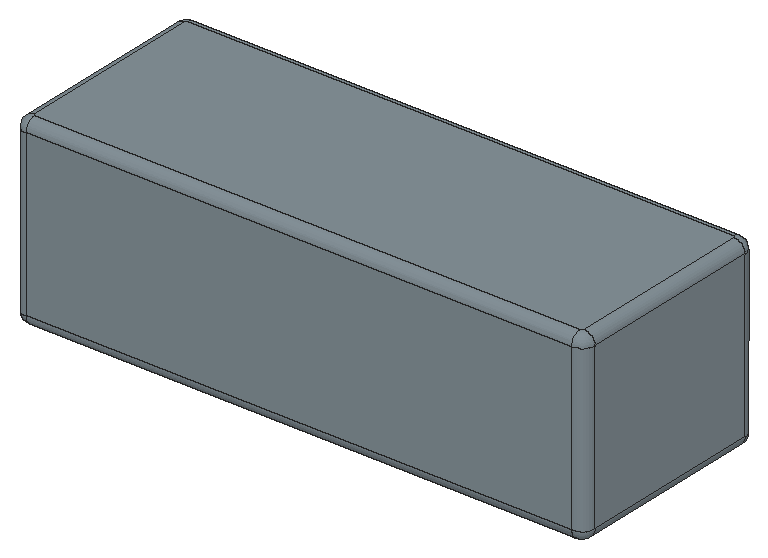
Revit family "Rectangle", category Furniture Systems, Revit 2019
Family settings
  Round Connector Dimension = Use Diameter
  Part Type = Normal
  OmniClass Number = 23.40.00.00
  OmniClass Title = Equipment and Furnishings
  Work Plane-Based = No
  Always vertical = Yes
  Cut with Voids When Loaded = No
  Shared = No
  Room Calculation Point = No
Parameters (values of type "ES01")
  URL = "www.gof.co.uk"
  Seat = Gresham - Blue Fabric
  Range = "SEATING"
  Product Code = ""
  Model = ""
  Manufacturer = "Gresham Office Funiture"  # constant formula
  Legs = no
  Glides = yes
  Castors = no
  Base Height = 25 mm
  Assembly Code = "E2020200"
Types (3, lengths in mm): name | Product Code | Model | Legs | Glides | Castors | Base Height
  ES01 | "" | "" | no | yes | no | 25
  ES01C | "ES01C" | "CUBE" | no | no | yes | 72
  ES01M | "ES01M" | "CUBE" | yes | no | no | 100
Reference planes
  plane 1 "Center (Front/Back)": y = 0
  plane 2: z = 0
  plane 3 "Center (Left/Right)": x = 0
  plane 4 "Base": z = 25
  plane 5 "Top": z = 460
  plane 6 "Legs": z = 100
  plane 7 "Castors": z = 71.902
  plane 8 "Foot": z = 25
  plane 9: x = -670
  plane 10: x = 670
Forms (mm)
  Extrusion 1, solid, material "Gresham - Blue Fabric" <- "Seat"
    sketch origin (0, 0, 25) x (0, -1, 0) y (1, 0, 0)
      loop
        line (-250, 640) -> (-250, -640)
        arc (-250, -640) -> (-241.213, -661.213) -> (-220, -670) r 30
        line (-220, -670) -> (220, -670)
        arc (220, -670) -> (241.213, -661.213) -> (250, -640) r 30
        line (250, -640) -> (250, 640)
        arc (250, 640) -> (241.213, 661.213) -> (220, 670) r 30
        line (220, 670) -> (-220, 670)
        arc (-220, 670) -> (-241.213, 661.213) -> (-250, 640) r 30
    from 0 to 435
  Extrusion 2, solid, material "Gresham - Black Plastic", visible <- "Castors", not visible
    sketch origin (0, 0, -4.785) x (-0.809017, 0.587785, 0) y (-0.587785, -0.809017, 0)
      loop
        circle (0, -304.351) r 13
    from 37.285 to 76.687
  Extrusion 3, solid, material "Gresham - Black Plastic", visible <- "Castors", not visible
    sketch origin (-10.58, -14.562, -4.785) x (-0.587785, -0.809017, 0) y (0, 0, 1)
      loop
        arc (-271.851, 37.285) -> (-304.351, 69.785) -> (-336.851, 37.285) r 32.5
        line (-336.851, 37.285) -> (-271.851, 37.285)
    from -10 to 10
  Revolve 4, solid, material "Gresham - Black Plastic", visible <- "Castors", not visible
    sketch origin (168.313, 231.663, -4.785) x (-0.809017, 0.587785, 0) y (0, 0, 1)
      loop
        line (11, 69.785) -> (11, 37.285) -> (26, 37.285) -> (26, 59.785)
        arc (26, 59.785) -> (23.071, 66.856) -> (16, 69.785) r 10
        line (16, 69.785) -> (11, 69.785)
      axis (11, 37.285) -> (26, 37.285)
    angle from 0 to 360
  Extrusion 5, void, not visible
    sketch origin (0, 0, -4.785) x (-0.587785, -0.809017, 0) y (0, 0, 1)
      loop
        circle (-286.351, 37.285) r 25
    from 30.046 to 22.621
  Revolve 6, solid, material "Gresham - Black Plastic", visible <- "Castors", not visible
    sketch origin (168.313, 231.663, -4.785) x (0.809017, -0.587785, 0) y (0, 0, -1)
      loop
        line (11, -69.785) -> (16, -69.785)
        arc (16, -69.785) -> (23.071, -66.856) -> (26, -59.785) r 10
        line (26, -59.785) -> (26, -37.285) -> (11, -37.285) -> (11, -69.785)
      axis (11, -37.285) -> (26, -37.285)
    angle from 0 to 360
  Extrusion 7, void, not visible
    sketch origin (0, 0, -4.785) x (-0.587785, -0.809017, 0) y (0, 0, -1)
      loop
        circle (-286.351, -37.285) r 25
    from 30.046 to 22.621
  Revolve 8, solid, material "Gresham - Chrome", visible <- "Legs"
    sketch origin (310.089, 197.99, 0) x (1, 0, 0) y (0, 0, -1)
      loop
        line (307.901, -100) -> (337.901, -100) -> (337.901, -12) -> (339.901, -12)
        arc (339.901, -12) -> (345.558, -9.657) -> (347.901, -4) r 8
        line (347.901, -4) -> (347.901, 0) -> (307.901, 0) -> (307.901, -100)
      axis (307.901, -100) -> (307.901, 0)
    angle from 0 to 360
  Revolve 9, solid, material "Gresham - Chrome", visible <- "Legs"
    sketch origin (310.089, -197.99, 0) x (1, 0, 0) y (0, 0, 1)
      loop
        line (307.901, 100) -> (307.901, 0) -> (347.901, 0) -> (347.901, 4)
        arc (347.901, 4) -> (345.558, 9.657) -> (339.901, 12) r 8
        line (339.901, 12) -> (337.901, 12) -> (337.901, 100) -> (307.901, 100)
      axis (307.901, 100) -> (307.901, 0)
    angle from 0 to 360
  Revolve 10, solid, material "Gresham - Chrome", visible <- "Legs"
    sketch origin (-310.089, 197.99, 0) x (-1, 0, 0) y (0, 0, 1)
      loop
        line (307.901, 100) -> (307.901, 0) -> (347.901, 0) -> (347.901, 4)
        arc (347.901, 4) -> (345.558, 9.657) -> (339.901, 12) r 8
        line (339.901, 12) -> (337.901, 12) -> (337.901, 100) -> (307.901, 100)
      axis (307.901, 100) -> (307.901, 0)
    angle from 0 to 360
  Revolve 11, solid, material "Gresham - Chrome", visible <- "Legs"
    sketch origin (-310.089, -197.99, 0) x (-1, 0, 0) y (0, 0, -1)
      loop
        line (307.901, -100) -> (337.901, -100) -> (337.901, -12) -> (339.901, -12)
        arc (339.901, -12) -> (345.558, -9.657) -> (347.901, -4) r 8
        line (347.901, -4) -> (347.901, 0) -> (307.901, 0) -> (307.901, -100)
      axis (307.901, -100) -> (307.901, 0)
    angle from 0 to 360
  Sweep 12, void
    path in 3D
      loop
        arc (670, 220, 460) -> (661.213, 241.213, 460) -> (640, 250, 460) r 30
        line (640, 250, 460) -> (-640, 250, 460)
        arc (-640, 250, 460) -> (-661.213, 241.213, 460) -> (-670, 220, 460) r 30
        line (-670, 220, 460) -> (-670, -220, 460)
        arc (-670, -220, 460) -> (-661.213, -241.213, 460) -> (-640, -250, 460) r 30
        line (-640, -250, 460) -> (640, -250, 460)
        arc (640, -250, 460) -> (661.213, -241.213, 460) -> (670, -220, 460) r 30
        line (670, -220, 460) -> (670, 220, 460)
    profile origin (670, 0, 460) x (-1, 0, 0) y (0, 0, 1)
      loop
        line (0, 0) -> (0, -25)
        arc (0, -25) -> (7.322, -7.322) -> (25, 0) r 25
        line (25, 0) -> (0, 0)
  Sweep 13, void
    path in 3D
      loop
        arc (670, -220, 25) -> (661.213, -241.213, 25) -> (640, -250, 25) r 30
        line (640, -250, 25) -> (-640, -250, 25)
        arc (-640, -250, 25) -> (-661.213, -241.213, 25) -> (-670, -220, 25) r 30
        line (-670, -220, 25) -> (-670, 220, 25)
        arc (-670, 220, 25) -> (-661.213, 241.213, 25) -> (-640, 250, 25) r 30
        line (-640, 250, 25) -> (640, 250, 25)
        arc (640, 250, 25) -> (661.213, 241.213, 25) -> (670, 220, 25) r 30
        line (670, 220, 25) -> (670, -220, 25)
    profile origin (670, 0, 25) x (-1, 0, 0) y (0, 0, -1)
      loop
        line (25, 0) -> (0, 0) -> (0, -25)
        arc (0, -25) -> (7.322, -7.322) -> (25, 0) r 25
Cuts and joins
  Sweep 12, Sweep 13 cuts Extrusion 1
Lines and regions (mm)
  sketch lines
    curve 1: line (670, -220, 460) -> (670, 220, 460)
    curve 2: arc (640, 250, 460) -> (661.213, 241.213, 460) -> (670, 220, 460) r 30
    curve 3: line (640, 250, 460) -> (-640, 250, 460)
    curve 4: arc (670, -220, 460) -> (661.213, -241.213, 460) -> (640, -250, 460) r 30
    curve 5: line (-640, -250, 460) -> (640, -250, 460)
    curve 6: line (-670, 220, 460) -> (-670, -220, 460)
    curve 7: arc (-670, 220, 460) -> (-661.213, 241.213, 460) -> (-640, 250, 460) r 30
    curve 8: arc (-640, -250, 460) -> (-661.213, -241.213, 460) -> (-670, -220, 460) r 30
    curve 9: line (670, 220, 25) -> (670, -220, 25)
    curve 10: arc (670, 220, 25) -> (661.213, 241.213, 25) -> (640, 250, 25) r 30
    curve 11: line (-640, 250, 25) -> (640, 250, 25)
    curve 12: arc (-640, 250, 25) -> (-661.213, 241.213, 25) -> (-670, 220, 25) r 30
    curve 13: line (-670, -220, 25) -> (-670, 220, 25)
    curve 14: line (640, -250, 25) -> (-640, -250, 25)
    curve 15: arc (-670, -220, 25) -> (-661.213, -241.213, 25) -> (-640, -250, 25) r 30
    curve 16: arc (640, -250, 25) -> (661.213, -241.213, 25) -> (670, -220, 25) r 30
Dimensions and locks
  locked: Extrusion 1 sketch curve to Extrusion 1 sketch curve at 500
  level to plane 6 "Legs" = 100 mm
  "Base Height": level to plane 4 "Base"
  level to plane 7 "Castors" = 71.902 mm
  plane 5 "Top" to level = 460 mm
  level to plane 8 "Foot" = 25 mm
  equal spacing: plane 9, plane 3 "Center (Left/Right)", plane 10
  locked: plane 9 to plane 10 at 1340
  aligned and locked: level to plane 2
  aligned and locked: plane 5 "Top" to Extrusion 1
  aligned and locked: plane 4 "Base" to Extrusion 1
Automatic sketch dimensions
  Extrusion 1 sketch curve to plane 10 = 0 mm
  Extrusion 1 sketch curve to plane 9 = 0 mm
  plane 10 to Extrusion 1 sketch curve = 30 mm
  Extrusion 1 sketch curve to plane 1 "Center (Front/Back)" = 250 mm
  Extrusion 1 sketch curve to Extrusion 1 sketch curve = 30 mm  (x3)
  Revolve 8 sketch curve to plane 6 "Legs" = 0 mm
  Revolve 8 sketch curve to level = 0 mm
  plane 10 to Revolve 8 sketch curve = 52.01 mm
  plane 10 to Revolve 8 sketch curve = 22.01 mm
  Revolve 8 sketch curve to Revolve 8 sketch curve = 2 mm
  Revolve 8 sketch curve to Revolve 8 sketch curve = 8 mm
  level to Revolve 8 sketch curve = 12 mm
  plane 7 "Castors" to Revolve 8 sketch curve = 21.902 mm
  Revolve 8 sketch curve to Revolve 8 sketch curve = 30 mm
  Revolve 8 sketch curve to Revolve 8 sketch curve = 25 mm
  Revolve 9 sketch curve to plane 6 "Legs" = 0 mm
  Revolve 9 sketch curve to level = 0 mm
  plane 10 to Revolve 9 sketch curve = 52.01 mm
  plane 10 to Revolve 9 sketch curve = 22.01 mm
  Revolve 9 sketch curve to Revolve 9 sketch curve = 2 mm
  Revolve 9 sketch curve to Revolve 9 sketch curve = 8 mm
  level to Revolve 9 sketch curve = 4 mm
  plane 7 "Castors" to Revolve 9 sketch curve = 21.902 mm
  Revolve 9 sketch curve to Revolve 9 sketch curve = 30 mm
  Revolve 9 sketch curve to level = 25 mm
  Revolve 10 sketch curve to plane 6 "Legs" = 0 mm
  Revolve 10 sketch curve to level = 0 mm
  plane 9 to Revolve 10 sketch curve = 52.01 mm
  plane 9 to Revolve 10 sketch curve = 22.01 mm
  Revolve 10 sketch curve to Revolve 10 sketch curve = 2 mm
  Revolve 10 sketch curve to Revolve 10 sketch curve = 8 mm
  level to Revolve 10 sketch curve = 4 mm
  plane 7 "Castors" to Revolve 10 sketch curve = 21.902 mm
  Revolve 10 sketch curve to Revolve 10 sketch curve = 30 mm
  Revolve 10 sketch curve to level = 25 mm
  Revolve 11 sketch curve to plane 6 "Legs" = 0 mm
  Revolve 11 sketch curve to level = 0 mm
  plane 9 to Revolve 11 sketch curve = 52.01 mm
  plane 9 to Revolve 11 sketch curve = 22.01 mm
  Revolve 11 sketch curve to Revolve 11 sketch curve = 2 mm
  Revolve 11 sketch curve to Revolve 11 sketch curve = 8 mm
  level to Revolve 11 sketch curve = 12 mm
  plane 7 "Castors" to Revolve 11 sketch curve = 21.902 mm
  Revolve 11 sketch curve to Revolve 11 sketch curve = 30 mm
  Revolve 11 sketch curve to Revolve 11 sketch curve = 25 mm
  Sweep 12 sketch curve to profile plane = 0 mm  (x2)
  Sweep 12 sketch curve to profile plane = 25 mm
  Sweep 13 sketch curve to profile plane = 0 mm  (x3)
  Sweep 13 sketch curve to Sweep 13 sketch curve = 25 mm
  Sweep 13 sketch curve to Sweep 13 sketch curve = 0 mm
